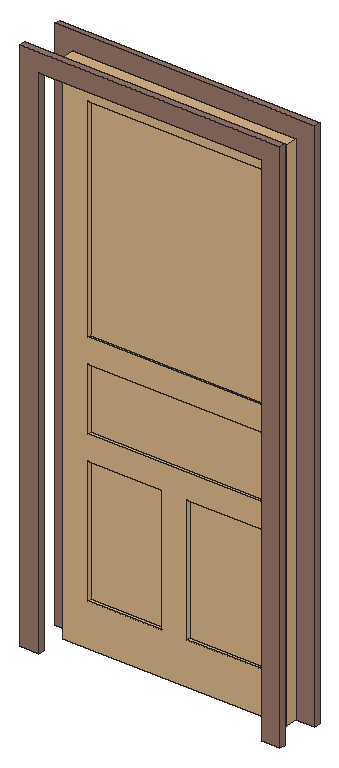
Revit family
Parameters (values of type "0915 x 2134mm")
  Thickness = 51.00 mm
  문 재료 = 문 - 패널
  프레임 재료 = 문 - 프레임
  Height = 2134.00 mm
  난간 폭 - 하단 = 175.00 mm
  난간 폭 - 중심 = 100.00 mm
  난간 폭 - 상단 = 125.00 mm
  선틀 폭 = 102.00 mm
  자르기 투영 외부 = 25.00 mm
  자르기 투영 내부 = 25.00 mm
  자르기 폭 = 76.00 mm
  Wall Closure = (empty or 0)
  Width = 915.00 mm
Types (7, lengths in mm): name | Height | Width
  0915 x 2134mm | 2134.00 | 915.00
  0864 x 2134mm | 2134.00 | 864.00
  0813 x 2134mm | 2134.00 | 813.00
  0762 x 2134mm | 2134.00 | 762.00
  0762 x 2032mm | 2032.00 | 762.00
  0915 x 2032mm | 2032.00 | 915.00
  0864 x 2032mm | 2032.00 | 864.00
Reference planes
  plane 1: y = 0
  plane 2: z = 0
  plane 3: x = 0
  plane 4: x = -457.5
  plane 5: x = 457.5
  plane 6: z = 2134
  plane 7: z = 2009
  plane 8: z = 1143
  plane 9: z = 1043
  plane 10: z = 787.4
  plane 11: x = -355.5
  plane 12: x = 355.5
  plane 13: z = 687.4
  plane 14: z = 175
  plane 15: x = -51
  plane 16: x = 51
Forms (mm)
  Extrusion 1, solid, material "문 - 패널" <- "문 재료"
    sketch origin (-1524, -76.2, 0) x (1, 0, 0) y (0, 0, 1)
      loop
        line (1879.5, 2009) -> (1168.5, 2009) -> (1168.5, 1143) -> (1879.5, 1143) -> (1879.5, 2009)
      loop
        line (1879.5, 1043) -> (1168.5, 1043) -> (1168.5, 787.4) -> (1879.5, 787.4) -> (1879.5, 1043)
      loop
        line (1168.5, 687.4) -> (1168.5, 175) -> (1473, 175) -> (1473, 687.4) -> (1168.5, 687.4)
      loop
        line (1575, 687.4) -> (1575, 175) -> (1879.5, 175) -> (1879.5, 687.4) -> (1575, 687.4)
      loop
        line (1981.5, 2134) -> (1066.5, 2134) -> (1066.5, 0) -> (1981.5, 0) -> (1981.5, 2134)
    from -152.4 to -101.4
  Extrusion 2, solid, material "문 - 패널" <- "문 재료"
    sketch origin (-1524, 25.2, 0) x (1, 0, 0) y (0, 0, 1)
      loop
        line (1879.5, 2009) -> (1168.5, 2009) -> (1168.5, 1143) -> (1879.5, 1143) -> (1879.5, 2009)
      loop
        line (1879.5, 787.4) -> (1879.5, 1043) -> (1168.5, 1043) -> (1168.5, 787.4) -> (1879.5, 787.4)
      loop
        line (1168.5, 687.4) -> (1168.5, 175) -> (1473, 175) -> (1473, 687.4) -> (1168.5, 687.4)
      loop
        line (1879.5, 175) -> (1879.5, 687.4) -> (1575, 687.4) -> (1575, 175) -> (1879.5, 175)
    from -38.3 to -12.7
  Extrusion 3, solid, material "문 - 프레임" <- "프레임 재료"
    sketch origin (-1524, -76.2, 0) x (1, 0, 0) y (0, 0, 1)
      loop
        line (990.5, 2210) -> (990.5, 0) -> (1066.5, 0) -> (1066.5, 2134) -> (1981.5, 2134) -> (1981.5, 0) -> (2057.5, 0) -> (2057.5, 2210) -> (990.5, 2210)
    from 0 to 25
  Extrusion 4, solid, material "문 - 프레임" <- "프레임 재료"
    sketch origin (-1524, 76.2, 0) x (-1, 0, 0) y (0, 0, 1)
      loop
        line (-2057.5, 2210) -> (-2057.5, 0) -> (-1981.5, 0) -> (-1981.5, 2134) -> (-1066.5, 2134) -> (-1066.5, 0) -> (-990.5, 0) -> (-990.5, 2210) -> (-2057.5, 2210)
    from 0 to 25
Lines and regions (mm)
  Opening 1
    outline origin (-1524, -76.2, 3657.6) x (0, 0, -1) y (1, 0, 0)
      loop
        line (1523.6, 1066.5) -> (3657.6, 1066.5) -> (3657.6, 1981.5) -> (1523.6, 1981.5) -> (1523.6, 1066.5)
  symbolic lines, style "DoorsPanelProjection"
    curve 1: line (457.5, 76.2, 0) -> (406.5, 76.2, 0)
    curve 2: line (457.5, 76.2, 0) -> (457.5, 991.19, 0)
    curve 3: line (457.5, 991.19, 0) -> (406.5, 991.19, 0)
    curve 4: line (406.5, 76.2, 0) -> (406.5, 991.19, 0)
  model lines, style "DoorsFrameMullionProjection"
    curve 5: line (-533.5, -76.2, 0) -> (-533.5, -76.2, 2210)
    curve 6: line (-533.5, -76.2, 2210) -> (533.5, -76.2, 2210)
    curve 7: line (533.5, -76.2, 2210) -> (533.5, -76.2, 0)
    curve 8: line (533.5, 76.2, 0) -> (533.5, 76.2, 2210)
    curve 9: line (-533.5, 76.2, 2210) -> (533.5, 76.2, 2210)
    curve 10: line (-533.5, 76.2, 2210) -> (-533.5, 76.2, 0)
  symbolic lines, style "평면 스윙"
    curve 11: arc (406.5, 991.19, 0) -> (-208.287, 705.91, 0) -> (-458.91, 76.2, 0) r 916.41
  symbolic lines, style "입면도 스윙"
    curve 12: line (-457.5, 0, 2134) -> (457.5, 0, 1067)
    curve 13: line (457.5, 0, 1067) -> (-457.5, 0, 0)
Dimensions and locks
  equal spacing: plane 4, plane 3, plane 5
  "Width": plane 4 to plane 5
  locked: host wall to curve 1
  control icon elem to plane 5 = 658.75 mm
  "Height": plane 6 to plane 2
  "자르기 폭": plane 4 to curve 5
  "자르기 폭": plane 5 to curve 7
  "자르기 폭": plane 6 to curve 6
  locked: curve 9 to host wall
  "선틀 폭": plane 15 to plane 16
  "선틀 폭": plane 4 to plane 11
  "선틀 폭": plane 12 to plane 5
  "난간 폭 - 상단": plane 6 to plane 7
  "난간 폭 - 중심": plane 10 to plane 13
  "난간 폭 - 중심": plane 8 to plane 9
  "Thickness": curve 4 to plane 5
  "자르기 투영 내부": Extrusion 3 to host wall
  "자르기 투영 외부": Extrusion 4 to host wall
  "Thickness": Extrusion 1 to host wall
  equal spacing: plane 15, plane 3, plane 16
  "난간 폭 - 하단": plane 14 to plane 2
  locked: host wall to Extrusion 2 at 12.7
  equal spacing: plane 6, curve 13, level
  aligned and locked: plane 2 to curve 5
  aligned and locked: curve 7 to level
  aligned and locked: curve 8 to curve 7
  aligned and locked: plane 12 to Extrusion 1 sketch curve  (x3)
  aligned and locked: Extrusion 1 sketch curve to plane 7
  aligned and locked: plane 8 to Extrusion 1 sketch curve
  aligned and locked: plane 11 to Extrusion 1 sketch curve  (x3)
  aligned and locked: Extrusion 1 sketch curve to plane 9
  aligned and locked: plane 10 to Extrusion 1 sketch curve
  aligned and locked: plane 13 to Extrusion 1 sketch curve  (x2)
  aligned and locked: plane 14 to Extrusion 1 sketch curve  (x2)
  aligned and locked: plane 15 to Extrusion 1 sketch curve
  aligned and locked: plane 16 to Extrusion 1 sketch curve
  aligned and locked: plane 5 to Extrusion 1 sketch curve
  aligned and locked: Extrusion 1 sketch curve to plane 6
  aligned and locked: plane 4 to Extrusion 1 sketch curve
  aligned and locked: plane 12 to Extrusion 2 sketch curve  (x3)
  aligned and locked: Extrusion 2 sketch curve to plane 7
  aligned and locked: plane 8 to Extrusion 2 sketch curve
  aligned and locked: plane 11 to Extrusion 2 sketch curve  (x2)
  aligned and locked: Extrusion 2 sketch curve to plane 10
  aligned and locked: plane 9 to Extrusion 2 sketch curve
  aligned and locked: Extrusion 2 sketch curve to plane 11
  aligned and locked: plane 13 to Extrusion 2 sketch curve  (x2)
  aligned and locked: Extrusion 2 sketch curve to Extrusion 1  (x2)
  aligned and locked: Extrusion 2 sketch curve to plane 14
  aligned and locked: Extrusion 2 sketch curve to plane 16
  aligned and locked: Extrusion 1 to host wall  (x3)
  aligned and locked: host wall to Extrusion 1
  aligned and locked: curve 6 to Extrusion 3 sketch curve
  aligned and locked: Extrusion 3 sketch curve to curve 5
  aligned and locked: Extrusion 3 sketch curve to curve 7
  aligned and locked: Extrusion 3 to Extrusion 4 sketch curve
  aligned and locked: Extrusion 4 sketch curve to Extrusion 3  (x2)
Automatic sketch dimensions
  Opening 1 sketch curve to plane 6 = 0.00 mm
  Opening 1 sketch curve to level = 0.00 mm
  Opening 1 sketch curve to plane 4 = 0.00 mm
  Opening 1 sketch curve to plane 5 = 0.00 mm
  Extrusion 3 sketch curve to level = 0.00 mm  (x2)
  Extrusion 3 sketch curve to plane 4 = 0.00 mm
  Extrusion 3 sketch curve to plane 5 = 0.00 mm
  Extrusion 3 sketch curve to plane 6 = 0.00 mm
  Extrusion 4 sketch curve to level = 0.00 mm  (x2)
  Extrusion 4 sketch curve to plane 5 = 0.00 mm
  Extrusion 4 sketch curve to plane 4 = 0.00 mm
  Extrusion 4 sketch curve to plane 6 = 0.00 mm
  curve 1 to plane 5 = 0.00 mm
  curve 11 to plane 5 = 0.00 mm
  plane 4 to curve 11 = 1.41 mm
  curve 11 to host wall = 0.00 mm
  curve 12 to plane 4 = 0.00 mm
  curve 12 to plane 6 = 0.00 mm
  curve 13 to plane 5 = 0.00 mm
  curve 10 to level = 0.00 mm
  curve 8 to level = 0.00 mm
  curve 13 to level = 0.00 mm
  curve 13 to plane 4 = 0.00 mm
  curve 9 to curve 5 = 0.00 mm
  curve 10 to curve 5 = 0.00 mm
